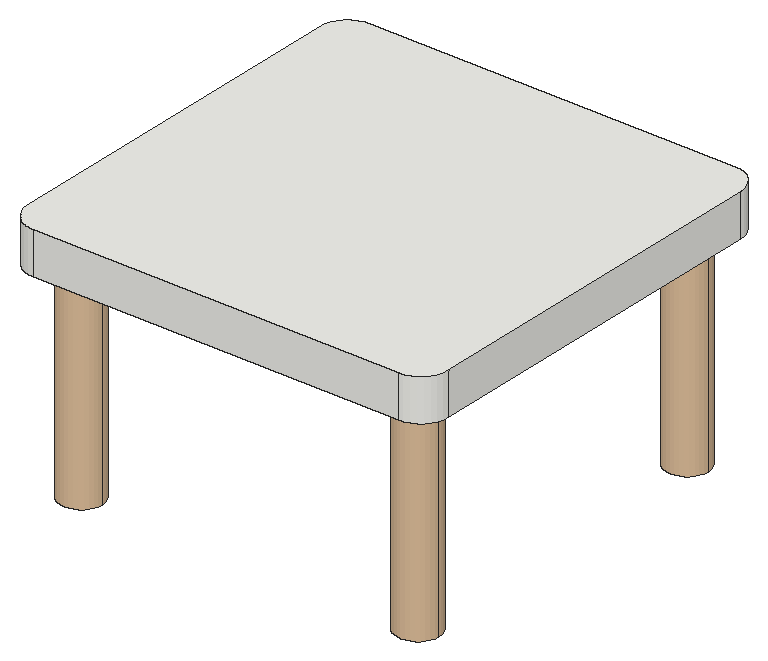
Revit family "rac_basic_sample_family_test", category Furniture, Revit 2016
Family settings
  OmniClass Number = 23.40.20.14.17
  OmniClass Title = Residential Tables and Cabinets
  Work Plane-Based = No
  Always vertical = Yes
  Cut with Voids When Loaded = No
  Shared = Yes
  Room Calculation Point = No
Parameters (values of type "0762 x 0762mm")
  VeryLongNameThatIsOutOfReach = 0.00 mm
  ToBorNotToB [instance] = yes
  TestLength = 20.00 mm
  DorC = yes
  Base Material = Wood - Birch
  Height = 457.00 mm
  Length = 762.00 mm
  Top Material = Laminate - Ivory, Matte
  Width = 762.00 mm
  AorB = yes
Types (4, lengths in mm): name | TestLength | Height | Length | Width
  (no name) | 20.00 | 457.00 | 762.00 | 762.00
  0610 x 0160mm | 0.00 | 762.00 | 610.00 | 610.00
  0762 x 0762mm | 20.00 | 457.00 | 762.00 | 762.00
  0610 x 0915mm | 0.00 | 762.00 | 610.00 | 915.00
Reference planes
  plane 1: y = 152.4
  plane 2: z = 0
  plane 3 "Left": x = 3.734
  plane 4 "Right": x = 765.734
  plane 5 "Back": y = 533.4
  plane 6 "Front": y = -228.6
  plane 7: x = 384.734
Forms (mm)
  Extrusion 1, solid, material "Laminate - Ivory, Matte" <- "Top Material", visible <- "AorB"
    sketch origin (0, 0, 0) x (1, 0, 0) y (0, 1, 0)
      loop
        line (54.534, -228.6) -> (714.934, -228.6)
        arc (714.934, -228.6) -> (750.855, -213.721) -> (765.734, -177.8) r 50.8
        line (765.734, -177.8) -> (765.734, 482.6)
        arc (765.734, 482.6) -> (750.855, 518.521) -> (714.934, 533.4) r 50.8
        line (714.934, 533.4) -> (54.534, 533.4)
        arc (54.534, 533.4) -> (18.613, 518.521) -> (3.734, 482.6) r 50.8
        line (3.734, 482.6) -> (3.734, -177.8)
        arc (3.734, -177.8) -> (18.613, -213.721) -> (54.534, -228.6) r 50.8
    from 380.8 to 457
  Extrusion 2, solid, material "Wood - Birch" <- "Base Material", visible <- "DorC"
    sketch origin (0, 0, 0) x (1, 0, 0) y (0, 1, 0)
      loop
        circle (79.934, 457.2) r 38.1
      loop
        circle (79.934, -152.4) r 38.1
      loop
        circle (689.534, -152.4) r 38.1
      loop
        circle (689.534, 457.2) r 38.1
    from 0 to 380.8
Lines and regions (mm)
  Masking region 1
    outline origin (0, 0, 0) x (1, 0, 0) y (0, 1, 0)
      loop
        arc (54.534, 533.4) -> (18.613, 518.521) -> (3.734, 482.6) r 50.8
        line (3.734, 482.6) -> (3.734, -177.8)
        arc (3.734, -177.8) -> (18.613, -213.721) -> (54.534, -228.6) r 50.8
        line (54.534, -228.6) -> (714.934, -228.6)
        arc (714.934, -228.6) -> (750.855, -213.721) -> (765.734, -177.8) r 50.8
        line (765.734, -177.8) -> (765.734, 482.6)
        arc (765.734, 482.6) -> (750.855, 518.521) -> (714.934, 533.4) r 50.8
        line (714.934, 533.4) -> (54.534, 533.4)
Dimensions and locks
  locked: Extrusion 1 to Extrusion 1 at 76.2
  "Height": Extrusion 1 to plane 2
  locked: Extrusion 1 to Extrusion 2 sketch curve at 76.2  (x8)
  "Width": plane 5 "Back" to plane 6 "Front"
  "Length": plane 3 "Left" to plane 4 "Right"
  equal spacing: plane 5 "Back", plane 1, plane 6 "Front"
  equal spacing: plane 3 "Left", plane 7, plane 4 "Right"
  radius of Extrusion 1 sketch curve = 50.80 mm  (x4)
  aligned and locked: plane 2 to level
  aligned and locked: plane 6 "Front" to Extrusion 1 sketch curve
  aligned and locked: Extrusion 2 to Extrusion 1
  aligned and locked: Masking region 1 sketch curve to plane 5 "Back"
  aligned and locked: plane 3 "Left" to Masking region 1 sketch curve
  aligned and locked: plane 4 "Right" to Masking region 1 sketch curve
  aligned and locked: Masking region 1 sketch curve to plane 6 "Front"
  aligned: Masking region 1 sketch curve to Extrusion 1
Automatic sketch dimensions
  Extrusion 2 sketch curve to Extrusion 2 sketch curve = 38.10 mm  (x4)
  Extrusion 1 sketch curve to plane 3 "Left" = 0.00 mm
  Extrusion 1 sketch curve to plane 4 "Right" = 0.00 mm
  Extrusion 1 sketch curve to plane 5 "Back" = 0.00 mm
  plane 3 "Left" to Masking region 1 sketch curve = 50.80 mm  (x2)
  plane 4 "Right" to Masking region 1 sketch curve = 50.80 mm  (x2)
